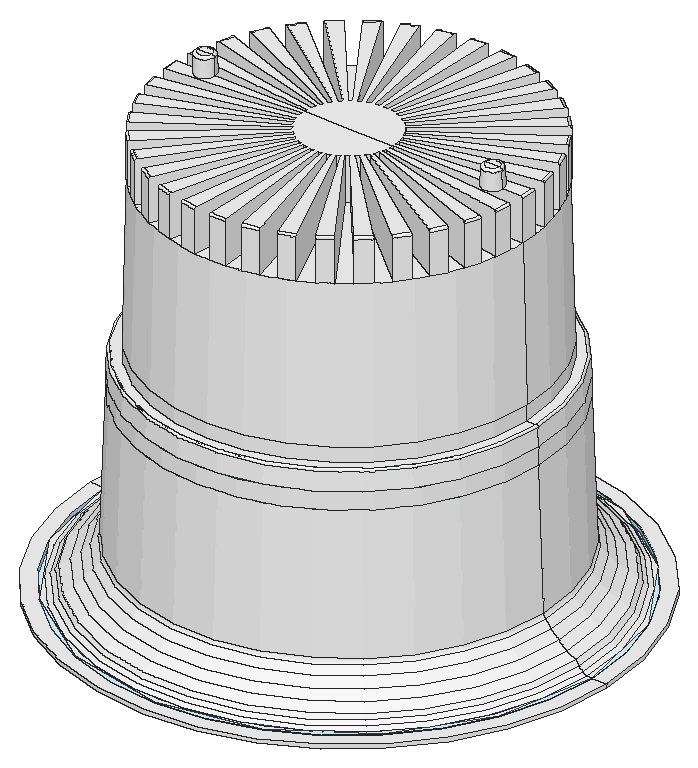
Revit family "RA 11 SOFT DIXIT LED", category Lighting Fixtures, host Ceiling, Revit 2019 (continued)
Types (28, lengths in mm): name | Wattage | Photometric Web File | built-in parameter 1150142 | Lamp | Wattage Comments | Lumens | built-in parameter 1150105 | built-in parameter 1150106 | Effective Intensity (lm) | Corrente driver (mA) | Beam angle (°)
  RA 11 SOFT DIXIT LED 2350lm 18W 3000K CRI85 70° Refl-WHITE | 15.8204 W | "255-2 _ 256-2 _ RA 11 DIXIT LED 18W 2350 lm 3000K 70°.IES" | "IESNA:LM-63-2002\r\n[TEST] Citizen CLL042 _ 69°/07-11-2013 / Luca\r\n[TESTLAB] ies2eulumdat.appspot.com\r\n[ISSUEDATE] 2021-07-24T14:38:56.996\r\n[MANUFAC] IVELA SpA\r\n[LUMCAT] 255-2\r\n[LUMINAIRE] RA 11 D.L.18W 2350lm 3000K 70°\r\n[LAMPCAT] LED per RA11 2350 3K\r\n[LAMP] LED per RA11 2350 3K\r\nTILT=NONE\r\n1\t2092\t1\t37\t1\t1\t2\t-0.079\t-0.079\t0.045\r\n1.0\t1.0\t18.00\r\n0\t 5\t 10\t 15\t 20\t 25\t 30\t 35\t 40\t 45\r\n50\t 55\t 60\t 65\t 70\t 75\t 80\t 85\t 90\t 95\r\n100\t 105\t 110\t 115\t 120\t 125\t 130\t 135\t 140\t 145\r\n150\t 155\t 160\t 165\t 170\t 175\t 180\r\n0\r\n1539.4218\t1516.108\t1444.9974\t1337.9465\t1232.0921\t1132.038\t1003.9266\t745.6518\t469.3619\t270.6995\r\n219.6357\t178.5407\t140.9051\t107.71\t78.1543\t53.2575\t31.9947\t14.4573\t0.9019\t0.4541\r\n0.5798\t0.7599\t1.0252\t1.388\t1.8258\t2.3266\t2.8882\t3.515\t4.1728\t4.8476\r\n5.4928\t6.0091\t6.3497\t6.6398\t6.9902\t7.2997\t7.4771" | "LED 2350lm 18W 3000K CRI85" | "18" | 2350 lm | 12946.4 (stored number, unit not read) | 129.46 (stored number, unit not read) | 2092 | "500mA" | "70° Refl."
  RA 11 SOFT DIXIT LED 2350lm 18W 3000K CRI85 18° Refl-WHITE-DALI | 15.8204 W | "255-2 _ 256-2 _ RA 11 DIXIT LED 18W 2350 lm 3000K 17°.IES" | "IESNA:LM-63-2002\r\n[TEST] I-Moon725-639WS/05-12-2012 / Luca\r\n[TESTLAB] ies2eulumdat.appspot.com\r\n[ISSUEDATE] 2021-07-24T14:37:00.623\r\n[MANUFAC] IVELA SpA\r\n[LUMCAT] 255-2\r\n[LUMINAIRE] RA 11 D.L.18W 2350lm 3000K 17°\r\n[LAMPCAT] LED per RA11 2350 3K\r\n[LAMP] LED per RA11 2350 3K\r\nTILT=NONE\r\n1\t2092\t1\t37\t1\t1\t2\t-0.079\t-0.079\t0.045\r\n1.0\t1.0\t18.00\r\n0\t 5\t 10\t 15\t 20\t 25\t 30\t 35\t 40\t 45\r\n50\t 55\t 60\t 65\t 70\t 75\t 80\t 85\t 90\t 95\r\n100\t 105\t 110\t 115\t 120\t 125\t 130\t 135\t 140\t 145\r\n150\t 155\t 160\t 165\t 170\t 175\t 180\r\n0\r\n11525.0231\t9113.9318\t4253.0191\t1701.6284\t1032.8968\t839.6551\t745.5904\t562.3621\t209.3542\t27.4936\r\n9.7602\t1.425\t0.2642\t0.1895\t0.1421\t0.1138\t0.0952\t0.0819\t0.0732\t0.0759\r\n0.0895\t0.1419\t0.2787\t0.5033\t0.7956\t1.1555\t1.6859\t2.6323\t4.2028\t6.1628\r\n7.8861\t8.8803\t9.3655\t9.8761\t10.2174\t9.5885\t8.7815" | "LED 2350lm 18W 3000K CRI85" | "18" | 2350 lm | 12946.4 (stored number, unit not read) | 129.46 (stored number, unit not read) | 2092 | "500mA dimmerabile DALI" | "18° Refl."
  RA 11 SOFT DIXIT LED 2350lm 18W 3000K CRI85 30° Refl-WHITE-DALI | 15.8204 W | "255-2 _ 256-2 _ RA 11 DIXIT LED 18W 2350 lm 3000K 30°.IES" | "IESNA:LM-63-2002\r\n[TEST] I-Moon 725-6 39W M/06-12-2012 / Luca\r\n[TESTLAB] ies2eulumdat.appspot.com\r\n[ISSUEDATE] 2021-07-24T14:38:08.106\r\n[MANUFAC] IVELA SpA\r\n[LUMCAT] 255-2\r\n[LUMINAIRE] RA 11 D.L.18W 2350lm 3000K 30°\r\n[LAMPCAT] LED per RA11 2350 3K\r\n[LAMP] LED per RA11 2350 3K\r\nTILT=NONE\r\n1\t2092\t1\t37\t1\t1\t2\t-0.079\t-0.079\t0.045\r\n1.0\t1.0\t18.00\r\n0\t 5\t 10\t 15\t 20\t 25\t 30\t 35\t 40\t 45\r\n50\t 55\t 60\t 65\t 70\t 75\t 80\t 85\t 90\t 95\r\n100\t 105\t 110\t 115\t 120\t 125\t 130\t 135\t 140\t 145\r\n150\t 155\t 160\t 165\t 170\t 175\t 180\r\n0\r\n5182.5689\t4716.983\t3582.6621\t2415.4681\t1574.8843\t1116.8936\t892.1898\t639.929\t238.836\t38.2265\r\n14.2749\t2.664\t0.827\t0.5504\t0.3646\t0.2421\t0.1591\t0.1069\t0.077\t0.0797\r\n0.0943\t0.1557\t0.3091\t0.5735\t0.939\t1.4303\t2.1416\t3.1641\t4.4752\t5.9482\r\n7.3724\t8.5104\t9.2396\t9.7347\t9.9556\t9.8662\t9.8707" | "LED 2350lm 18W 3000K CRI85" | "18" | 2350 lm | 12946.4 (stored number, unit not read) | 129.46 (stored number, unit not read) | 2092 | "500mA dimmerabile DALI" | "30° Refl."
  RA 11 SOFT DIXIT LED 2350lm 18W 3000K CRI85 55° Refl-WHITE-DALI | 15.8204 W | "255-2 _ 256-2 _ RA 11 DIXIT LED 18W 2350 lm 3000K 55°.IES" | "IESNA:LM-63-2002\r\n[TEST] I-Moon 725-6 39W W/07-12-2012 / Luca\r\n[TESTLAB] ies2eulumdat.appspot.com\r\n[ISSUEDATE] 2021-07-24T14:38:34.225\r\n[MANUFAC] IVELA SpA\r\n[LUMCAT] 255-2 / 256-2\r\n[LUMINAIRE] RA 11 DIXIT LED 18W 2350LM 3000K\r\n[LAMPCAT] LED per RA11 2350 3K\r\n[LAMP] LED per RA11 2350 3K\r\nTILT=NONE\r\n1\t2092\t1\t37\t1\t1\t2\t-0.079\t-0.079\t0.045\r\n1.0\t1.0\t18.00\r\n0\t 5\t 10\t 15\t 20\t 25\t 30\t 35\t 40\t 45\r\n50\t 55\t 60\t 65\t 70\t 75\t 80\t 85\t 90\t 95\r\n100\t 105\t 110\t 115\t 120\t 125\t 130\t 135\t 140\t 145\r\n150\t 155\t 160\t 165\t 170\t 175\t 180\r\n0\r\n2293.021\t2281.7867\t2245.4504\t2142.5614\t1854.5886\t1437.7578\t1112.3102\t784.9294\t334.8038\t91.4568\r\n43.3674\t19.2255\t10.4287\t5.936\t3.2723\t1.6142\t0.8301\t0.4246\t0.1233\t0.1122\r\n0.1432\t0.2324\t0.4324\t0.7685\t1.2358\t1.8452\t2.6192\t3.5453\t4.5676\t5.6486\r\n6.7362\t7.6919\t8.3645\t8.8228\t9.1838\t9.5528\t9.8271" | "LED 2350lm 18W 3000K CRI85" | "18" | 2350 lm | 12946.4 (stored number, unit not read) | 129.46 (stored number, unit not read) | 2092 | "500mA dimmerabile DALI" | "55° Refl."
  RA 11 SOFT DIXIT LED 2350lm 18W 3000K CRI85 70° Refl-WHITE-DALI | 15.8204 W | "255-2 _ 256-2 _ RA 11 DIXIT LED 18W 2350 lm 3000K 70°.IES" | "IESNA:LM-63-2002\r\n[TEST] Citizen CLL042 _ 69°/07-11-2013 / Luca\r\n[TESTLAB] ies2eulumdat.appspot.com\r\n[ISSUEDATE] 2021-07-24T14:38:56.996\r\n[MANUFAC] IVELA SpA\r\n[LUMCAT] 255-2\r\n[LUMINAIRE] RA 11 D.L.18W 2350lm 3000K 70°\r\n[LAMPCAT] LED per RA11 2350 3K\r\n[LAMP] LED per RA11 2350 3K\r\nTILT=NONE\r\n1\t2092\t1\t37\t1\t1\t2\t-0.079\t-0.079\t0.045\r\n1.0\t1.0\t18.00\r\n0\t 5\t 10\t 15\t 20\t 25\t 30\t 35\t 40\t 45\r\n50\t 55\t 60\t 65\t 70\t 75\t 80\t 85\t 90\t 95\r\n100\t 105\t 110\t 115\t 120\t 125\t 130\t 135\t 140\t 145\r\n150\t 155\t 160\t 165\t 170\t 175\t 180\r\n0\r\n1539.4218\t1516.108\t1444.9974\t1337.9465\t1232.0921\t1132.038\t1003.9266\t745.6518\t469.3619\t270.6995\r\n219.6357\t178.5407\t140.9051\t107.71\t78.1543\t53.2575\t31.9947\t14.4573\t0.9019\t0.4541\r\n0.5798\t0.7599\t1.0252\t1.388\t1.8258\t2.3266\t2.8882\t3.515\t4.1728\t4.8476\r\n5.4928\t6.0091\t6.3497\t6.6398\t6.9902\t7.2997\t7.4771" | "LED 2350lm 18W 3000K CRI85" | "18" | 2350 lm | 12946.4 (stored number, unit not read) | 129.46 (stored number, unit not read) | 2092 | "500mA dimmerabile DALI" | "70° Refl."
  RA 11 SOFT DIXIT LED 3100lm 26W 3000K CRI85 18° Refl-WHITE | 20.8695 W | "255-2 _ 256-2 _ RA 11 DIXIT LED 26W 3100 lm 3000K 18°.IES" | "IESNA:LM-63-2002\r\n[TEST] I-Moon725-639WS/05-12-2012 / Luca\r\n[TESTLAB] ies2eulumdat.appspot.com\r\n[ISSUEDATE] 2021-07-24T14:39:22.310\r\n[MANUFAC] IVELA SpA\r\n[LUMCAT] 255-2\r\n[LUMINAIRE] RA 11 D.L.26W 3100lm 3000K 17°\r\n[LAMPCAT] LED RA11SOFT 26W3K\r\n[LAMP] LED RA11SOFT 26W3K\r\nTILT=NONE\r\n1\t2759\t1\t37\t1\t1\t2\t-0.079\t-0.079\t0.003\r\n1.0\t1.0\t26.00\r\n0\t 5\t 10\t 15\t 20\t 25\t 30\t 35\t 40\t 45\r\n50\t 55\t 60\t 65\t 70\t 75\t 80\t 85\t 90\t 95\r\n100\t 105\t 110\t 115\t 120\t 125\t 130\t 135\t 140\t 145\r\n150\t 155\t 160\t 165\t 170\t 175\t 180\r\n0\r\n15199.5883\t12019.76\t5609.0248\t2244.1648\t1362.2191\t1107.3654\t983.3097\t741.6621\t276.1034\t36.2595\r\n12.8721\t1.8793\t0.3484\t0.25\t0.1874\t0.1501\t0.1256\t0.108\t0.0965\t0.1\r\n0.1181\t0.1872\t0.3676\t0.6638\t1.0493\t1.524\t2.2234\t3.4716\t5.5429\t8.1277\r\n10.4005\t11.7117\t12.3516\t13.0249\t13.4751\t12.6457\t11.5814" | "LED 3100lm 26W 3000K CRI85" | "26" | 3100 lm | 17078.2 (stored number, unit not read) | 170.78 (stored number, unit not read) | 2759 | "700mA" | "18° Refl."
  RA 11 SOFT DIXIT LED 3100lm 26W 3000K CRI85 30° Refl-WHITE | 20.8695 W | "255-2 _ 256-2 _ RA 11 DIXIT LED 26W 3100 lm 3000K 30°.IES" | "IESNA:LM-63-2002\r\n[TEST] I-Moon 725-6 39W M/06-12-2012 / Luca\r\n[TESTLAB] ies2eulumdat.appspot.com\r\n[ISSUEDATE] 2021-07-24T14:39:44.346\r\n[MANUFAC] IVELA SpA\r\n[LUMCAT] 255-2\r\n[LUMINAIRE] RA 11 D.L.26W 3100lm 3000K 30°\r\n[LAMPCAT] LED RA11SOFT 26W3K\r\n[LAMP] LED RA11SOFT 26W3K\r\nTILT=NONE\r\n1\t2759\t1\t37\t1\t1\t2\t-0.079\t-0.079\t0.003\r\n1.0\t1.0\t26.00\r\n0\t 5\t 10\t 15\t 20\t 25\t 30\t 35\t 40\t 45\r\n50\t 55\t 60\t 65\t 70\t 75\t 80\t 85\t 90\t 95\r\n100\t 105\t 110\t 115\t 120\t 125\t 130\t 135\t 140\t 145\r\n150\t 155\t 160\t 165\t 170\t 175\t 180\r\n0\r\n6834.9463\t6220.9159\t4724.9354\t3185.6006\t2077.0103\t1472.9968\t1176.6499\t843.9599\t314.9849\t50.4144\r\n18.8262\t3.5134\t1.0907\t0.7259\t0.4808\t0.3193\t0.2098\t0.141\t0.1016\t0.1051\r\n0.1244\t0.2053\t0.4076\t0.7563\t1.2383\t1.8863\t2.8245\t4.1729\t5.9021\t7.8447\r\n9.723\t11.2239\t12.1855\t12.8385\t13.1298\t13.0119\t13.0178" | "LED 3100lm 26W 3000K CRI85" | "26" | 3100 lm | 17078.2 (stored number, unit not read) | 170.78 (stored number, unit not read) | 2759 | "700mA" | "30° Refl."
  RA 11 SOFT DIXIT LED 3100lm 26W 3000K CRI85 55° Refl-WHITE | 20.8695 W | "255-2 _ 256-2 _ RA 11 DIXIT LED 26W 3100 lm 3000K 55°.IES" | "IESNA:LM-63-2002\r\n[TEST] I-Moon 725-6 39W W/07-12-2012 / Luca\r\n[TESTLAB] ies2eulumdat.appspot.com\r\n[ISSUEDATE] 2021-07-24T14:40:09.931\r\n[MANUFAC] IVELA SpA\r\n[LUMCAT] 255-2\r\n[LUMINAIRE] RA 11 D.L.26W 3100lm 3000K 55°\r\n[LAMPCAT] LED RA11SOFT 26W3K\r\n[LAMP] LED RA11SOFT 26W3K\r\nTILT=NONE\r\n1\t2759\t1\t37\t1\t1\t2\t-0.079\t-0.079\t0.003\r\n1.0\t1.0\t26.00\r\n0\t 5\t 10\t 15\t 20\t 25\t 30\t 35\t 40\t 45\r\n50\t 55\t 60\t 65\t 70\t 75\t 80\t 85\t 90\t 95\r\n100\t 105\t 110\t 115\t 120\t 125\t 130\t 135\t 140\t 145\r\n150\t 155\t 160\t 165\t 170\t 175\t 180\r\n0\r\n3024.1132\t3009.2971\t2961.3756\t2825.6821\t2445.8939\t1896.1633\t1466.9521\t1035.1913\t441.5506\t120.6163\r\n57.1944\t25.3553\t13.7537\t7.8287\t4.3157\t2.1288\t1.0948\t0.5599\t0.1626\t0.1479\r\n0.1889\t0.3065\t0.5703\t1.0136\t1.6299\t2.4335\t3.4543\t4.6757\t6.0239\t7.4496\r\n8.884\t10.1444\t11.0314\t11.6358\t12.1119\t12.5986\t12.9603" | "LED 3100lm 26W 3000K CRI85" | "26" | 3100 lm | 17078.2 (stored number, unit not read) | 170.78 (stored number, unit not read) | 2759 | "700mA" | "55° Refl."
  RA 11 SOFT DIXIT LED 3100lm 26W 3000K CRI85 70° Refl-WHITE | 20.8695 W | "255-2 _ 256-2 _ RA 11 DIXIT LED 26W 3100 lm 3000K 70°.IES" | "IESNA:LM-63-2002\r\n[TEST] Citizen CLL042 _ 69°/07-11-2013 / Luca\r\n[TESTLAB] ies2eulumdat.appspot.com\r\n[ISSUEDATE] 2021-07-24T14:40:32.967\r\n[MANUFAC] IVELA SpA\r\n[LUMCAT] 255-2\r\n[LUMINAIRE] RA 11 D.L.26W 3100lm 3000K 70°\r\n[LAMPCAT] LED RA11SOFT 26W3K\r\n[LAMP] LED RA11SOFT 26W3K\r\nTILT=NONE\r\n1\t2759\t1\t37\t1\t1\t2\t-0.079\t-0.079\t0.003\r\n1.0\t1.0\t26.00\r\n0\t 5\t 10\t 15\t 20\t 25\t 30\t 35\t 40\t 45\r\n50\t 55\t 60\t 65\t 70\t 75\t 80\t 85\t 90\t 95\r\n100\t 105\t 110\t 115\t 120\t 125\t 130\t 135\t 140\t 145\r\n150\t 155\t 160\t 165\t 170\t 175\t 180\r\n0\r\n2030.2412\t1999.4943\t1905.7112\t1764.5289\t1624.9245\t1492.9698\t1324.0122\t983.3907\t619.0102\t357.0076\r\n289.663\t235.4655\t185.8304\t142.0516\t103.0725\t70.2378\t42.1957\t19.0668\t1.1894\t0.5989\r\n0.7647\t1.0022\t1.3521\t1.8306\t2.4079\t3.0683\t3.809\t4.6357\t5.5032\t6.3932\r\n7.2441\t7.925\t8.3743\t8.7568\t9.2189\t9.6271\t9.8611" | "LED 3100lm 26W 3000K CRI85" | "26" | 3100 lm | 17078.2 (stored number, unit not read) | 170.78 (stored number, unit not read) | 2759 | "700mA" | "70° Refl."
  RA 11 SOFT DIXIT LED 3100lm 26W 3000K CRI85 18° Refl-WHITE-DALI | 20.8695 W | "255-2 _ 256-2 _ RA 11 DIXIT LED 26W 3100 lm 3000K 18°.IES" | "IESNA:LM-63-2002\r\n[TEST] I-Moon725-639WS/05-12-2012 / Luca\r\n[TESTLAB] ies2eulumdat.appspot.com\r\n[ISSUEDATE] 2021-07-24T14:39:22.310\r\n[MANUFAC] IVELA SpA\r\n[LUMCAT] 255-2\r\n[LUMINAIRE] RA 11 D.L.26W 3100lm 3000K 17°\r\n[LAMPCAT] LED RA11SOFT 26W3K\r\n[LAMP] LED RA11SOFT 26W3K\r\nTILT=NONE\r\n1\t2759\t1\t37\t1\t1\t2\t-0.079\t-0.079\t0.003\r\n1.0\t1.0\t26.00\r\n0\t 5\t 10\t 15\t 20\t 25\t 30\t 35\t 40\t 45\r\n50\t 55\t 60\t 65\t 70\t 75\t 80\t 85\t 90\t 95\r\n100\t 105\t 110\t 115\t 120\t 125\t 130\t 135\t 140\t 145\r\n150\t 155\t 160\t 165\t 170\t 175\t 180\r\n0\r\n15199.5883\t12019.76\t5609.0248\t2244.1648\t1362.2191\t1107.3654\t983.3097\t741.6621\t276.1034\t36.2595\r\n12.8721\t1.8793\t0.3484\t0.25\t0.1874\t0.1501\t0.1256\t0.108\t0.0965\t0.1\r\n0.1181\t0.1872\t0.3676\t0.6638\t1.0493\t1.524\t2.2234\t3.4716\t5.5429\t8.1277\r\n10.4005\t11.7117\t12.3516\t13.0249\t13.4751\t12.6457\t11.5814" | "LED 3100lm 26W 3000K CRI85" | "26" | 3100 lm | 17078.2 (stored number, unit not read) | 170.78 (stored number, unit not read) | 2759 | "700mA dimmerabile DALI" | "18° Refl."
  RA 11 SOFT DIXIT LED 3100lm 26W 3000K CRI85 18° Refl-WHITE-regolabile | 20.8695 W | "255-2 _ 256-2 _ RA 11 DIXIT LED 26W 3100 lm 3000K 18°.IES" | "IESNA:LM-63-2002\r\n[TEST] I-Moon725-639WS/05-12-2012 / Luca\r\n[TESTLAB] ies2eulumdat.appspot.com\r\n[ISSUEDATE] 2021-07-24T14:39:22.310\r\n[MANUFAC] IVELA SpA\r\n[LUMCAT] 255-2\r\n[LUMINAIRE] RA 11 D.L.26W 3100lm 3000K 17°\r\n[LAMPCAT] LED RA11SOFT 26W3K\r\n[LAMP] LED RA11SOFT 26W3K\r\nTILT=NONE\r\n1\t2759\t1\t37\t1\t1\t2\t-0.079\t-0.079\t0.003\r\n1.0\t1.0\t26.00\r\n0\t 5\t 10\t 15\t 20\t 25\t 30\t 35\t 40\t 45\r\n50\t 55\t 60\t 65\t 70\t 75\t 80\t 85\t 90\t 95\r\n100\t 105\t 110\t 115\t 120\t 125\t 130\t 135\t 140\t 145\r\n150\t 155\t 160\t 165\t 170\t 175\t 180\r\n0\r\n15199.5883\t12019.76\t5609.0248\t2244.1648\t1362.2191\t1107.3654\t983.3097\t741.6621\t276.1034\t36.2595\r\n12.8721\t1.8793\t0.3484\t0.25\t0.1874\t0.1501\t0.1256\t0.108\t0.0965\t0.1\r\n0.1181\t0.1872\t0.3676\t0.6638\t1.0493\t1.524\t2.2234\t3.4716\t5.5429\t8.1277\r\n10.4005\t11.7117\t12.3516\t13.0249\t13.4751\t12.6457\t11.5814" | "LED 3100lm 26W 3000K CRI85" | "26" | 3100 lm | 17078.2 (stored number, unit not read) | 170.78 (stored number, unit not read) | 2759 | "700mA regolabile sul taglio di fase" | "18° Refl."
  RA 11 SOFT DIXIT LED 3100lm 26W 3000K CRI85 30° Refl-WHITE-regolabile | 20.8695 W | "255-2 _ 256-2 _ RA 11 DIXIT LED 26W 3100 lm 3000K 30°.IES" | "IESNA:LM-63-2002\r\n[TEST] I-Moon 725-6 39W M/06-12-2012 / Luca\r\n[TESTLAB] ies2eulumdat.appspot.com\r\n[ISSUEDATE] 2021-07-24T14:39:44.346\r\n[MANUFAC] IVELA SpA\r\n[LUMCAT] 255-2\r\n[LUMINAIRE] RA 11 D.L.26W 3100lm 3000K 30°\r\n[LAMPCAT] LED RA11SOFT 26W3K\r\n[LAMP] LED RA11SOFT 26W3K\r\nTILT=NONE\r\n1\t2759\t1\t37\t1\t1\t2\t-0.079\t-0.079\t0.003\r\n1.0\t1.0\t26.00\r\n0\t 5\t 10\t 15\t 20\t 25\t 30\t 35\t 40\t 45\r\n50\t 55\t 60\t 65\t 70\t 75\t 80\t 85\t 90\t 95\r\n100\t 105\t 110\t 115\t 120\t 125\t 130\t 135\t 140\t 145\r\n150\t 155\t 160\t 165\t 170\t 175\t 180\r\n0\r\n6834.9463\t6220.9159\t4724.9354\t3185.6006\t2077.0103\t1472.9968\t1176.6499\t843.9599\t314.9849\t50.4144\r\n18.8262\t3.5134\t1.0907\t0.7259\t0.4808\t0.3193\t0.2098\t0.141\t0.1016\t0.1051\r\n0.1244\t0.2053\t0.4076\t0.7563\t1.2383\t1.8863\t2.8245\t4.1729\t5.9021\t7.8447\r\n9.723\t11.2239\t12.1855\t12.8385\t13.1298\t13.0119\t13.0178" | "LED 3100lm 26W 3000K CRI85" | "26" | 3100 lm | 17078.2 (stored number, unit not read) | 170.78 (stored number, unit not read) | 2759 | "700mA regolabile sul taglio di fase" | "30° Refl."
  RA 11 SOFT DIXIT LED 3100lm 26W 3000K CRI85 30° Refl-WHITE-DALI | 20.8695 W | "255-2 _ 256-2 _ RA 11 DIXIT LED 26W 3100 lm 3000K 30°.IES" | "IESNA:LM-63-2002\r\n[TEST] I-Moon 725-6 39W M/06-12-2012 / Luca\r\n[TESTLAB] ies2eulumdat.appspot.com\r\n[ISSUEDATE] 2021-07-24T14:39:44.346\r\n[MANUFAC] IVELA SpA\r\n[LUMCAT] 255-2\r\n[LUMINAIRE] RA 11 D.L.26W 3100lm 3000K 30°\r\n[LAMPCAT] LED RA11SOFT 26W3K\r\n[LAMP] LED RA11SOFT 26W3K\r\nTILT=NONE\r\n1\t2759\t1\t37\t1\t1\t2\t-0.079\t-0.079\t0.003\r\n1.0\t1.0\t26.00\r\n0\t 5\t 10\t 15\t 20\t 25\t 30\t 35\t 40\t 45\r\n50\t 55\t 60\t 65\t 70\t 75\t 80\t 85\t 90\t 95\r\n100\t 105\t 110\t 115\t 120\t 125\t 130\t 135\t 140\t 145\r\n150\t 155\t 160\t 165\t 170\t 175\t 180\r\n0\r\n6834.9463\t6220.9159\t4724.9354\t3185.6006\t2077.0103\t1472.9968\t1176.6499\t843.9599\t314.9849\t50.4144\r\n18.8262\t3.5134\t1.0907\t0.7259\t0.4808\t0.3193\t0.2098\t0.141\t0.1016\t0.1051\r\n0.1244\t0.2053\t0.4076\t0.7563\t1.2383\t1.8863\t2.8245\t4.1729\t5.9021\t7.8447\r\n9.723\t11.2239\t12.1855\t12.8385\t13.1298\t13.0119\t13.0178" | "LED 3100lm 26W 3000K CRI85" | "26" | 3100 lm | 17078.2 (stored number, unit not read) | 170.78 (stored number, unit not read) | 2759 | "700mA dimmerabile DALI" | "30° Refl."
  RA 11 SOFT DIXIT LED 3100lm 26W 3000K CRI85 55° Refl-WHITE-DALI | 20.8695 W | "255-2 _ 256-2 _ RA 11 DIXIT LED 26W 3100 lm 3000K 55°.IES" | "IESNA:LM-63-2002\r\n[TEST] I-Moon 725-6 39W W/07-12-2012 / Luca\r\n[TESTLAB] ies2eulumdat.appspot.com\r\n[ISSUEDATE] 2021-07-24T14:40:09.931\r\n[MANUFAC] IVELA SpA\r\n[LUMCAT] 255-2\r\n[LUMINAIRE] RA 11 D.L.26W 3100lm 3000K 55°\r\n[LAMPCAT] LED RA11SOFT 26W3K\r\n[LAMP] LED RA11SOFT 26W3K\r\nTILT=NONE\r\n1\t2759\t1\t37\t1\t1\t2\t-0.079\t-0.079\t0.003\r\n1.0\t1.0\t26.00\r\n0\t 5\t 10\t 15\t 20\t 25\t 30\t 35\t 40\t 45\r\n50\t 55\t 60\t 65\t 70\t 75\t 80\t 85\t 90\t 95\r\n100\t 105\t 110\t 115\t 120\t 125\t 130\t 135\t 140\t 145\r\n150\t 155\t 160\t 165\t 170\t 175\t 180\r\n0\r\n3024.1132\t3009.2971\t2961.3756\t2825.6821\t2445.8939\t1896.1633\t1466.9521\t1035.1913\t441.5506\t120.6163\r\n57.1944\t25.3553\t13.7537\t7.8287\t4.3157\t2.1288\t1.0948\t0.5599\t0.1626\t0.1479\r\n0.1889\t0.3065\t0.5703\t1.0136\t1.6299\t2.4335\t3.4543\t4.6757\t6.0239\t7.4496\r\n8.884\t10.1444\t11.0314\t11.6358\t12.1119\t12.5986\t12.9603" | "LED 3100lm 26W 3000K CRI85" | "26" | 3100 lm | 17078.2 (stored number, unit not read) | 170.78 (stored number, unit not read) | 2759 | "700mA dimmerabile DALI" | "55° Refl."
  RA 11 SOFT DIXIT LED 3100lm 26W 3000K CRI85 55° Refl-WHITE-regolabile | 20.8695 W | "255-2 _ 256-2 _ RA 11 DIXIT LED 26W 3100 lm 3000K 55°.IES" | "IESNA:LM-63-2002\r\n[TEST] I-Moon 725-6 39W W/07-12-2012 / Luca\r\n[TESTLAB] ies2eulumdat.appspot.com\r\n[ISSUEDATE] 2021-07-24T14:40:09.931\r\n[MANUFAC] IVELA SpA\r\n[LUMCAT] 255-2\r\n[LUMINAIRE] RA 11 D.L.26W 3100lm 3000K 55°\r\n[LAMPCAT] LED RA11SOFT 26W3K\r\n[LAMP] LED RA11SOFT 26W3K\r\nTILT=NONE\r\n1\t2759\t1\t37\t1\t1\t2\t-0.079\t-0.079\t0.003\r\n1.0\t1.0\t26.00\r\n0\t 5\t 10\t 15\t 20\t 25\t 30\t 35\t 40\t 45\r\n50\t 55\t 60\t 65\t 70\t 75\t 80\t 85\t 90\t 95\r\n100\t 105\t 110\t 115\t 120\t 125\t 130\t 135\t 140\t 145\r\n150\t 155\t 160\t 165\t 170\t 175\t 180\r\n0\r\n3024.1132\t3009.2971\t2961.3756\t2825.6821\t2445.8939\t1896.1633\t1466.9521\t1035.1913\t441.5506\t120.6163\r\n57.1944\t25.3553\t13.7537\t7.8287\t4.3157\t2.1288\t1.0948\t0.5599\t0.1626\t0.1479\r\n0.1889\t0.3065\t0.5703\t1.0136\t1.6299\t2.4335\t3.4543\t4.6757\t6.0239\t7.4496\r\n8.884\t10.1444\t11.0314\t11.6358\t12.1119\t12.5986\t12.9603" | "LED 3100lm 26W 3000K CRI85" | "26" | 3100 lm | 17078.2 (stored number, unit not read) | 170.78 (stored number, unit not read) | 2759 | "700mA regolabile sul taglio di fase" | "55° Refl."
  RA 11 SOFT DIXIT LED 3100lm 26W 3000K CRI85 70° Refl-WHITE-regolabile | 20.8695 W | "255-2 _ 256-2 _ RA 11 DIXIT LED 26W 3100 lm 3000K 70°.IES" | "IESNA:LM-63-2002\r\n[TEST] Citizen CLL042 _ 69°/07-11-2013 / Luca\r\n[TESTLAB] ies2eulumdat.appspot.com\r\n[ISSUEDATE] 2021-07-24T14:40:32.967\r\n[MANUFAC] IVELA SpA\r\n[LUMCAT] 255-2\r\n[LUMINAIRE] RA 11 D.L.26W 3100lm 3000K 70°\r\n[LAMPCAT] LED RA11SOFT 26W3K\r\n[LAMP] LED RA11SOFT 26W3K\r\nTILT=NONE\r\n1\t2759\t1\t37\t1\t1\t2\t-0.079\t-0.079\t0.003\r\n1.0\t1.0\t26.00\r\n0\t 5\t 10\t 15\t 20\t 25\t 30\t 35\t 40\t 45\r\n50\t 55\t 60\t 65\t 70\t 75\t 80\t 85\t 90\t 95\r\n100\t 105\t 110\t 115\t 120\t 125\t 130\t 135\t 140\t 145\r\n150\t 155\t 160\t 165\t 170\t 175\t 180\r\n0\r\n2030.2412\t1999.4943\t1905.7112\t1764.5289\t1624.9245\t1492.9698\t1324.0122\t983.3907\t619.0102\t357.0076\r\n289.663\t235.4655\t185.8304\t142.0516\t103.0725\t70.2378\t42.1957\t19.0668\t1.1894\t0.5989\r\n0.7647\t1.0022\t1.3521\t1.8306\t2.4079\t3.0683\t3.809\t4.6357\t5.5032\t6.3932\r\n7.2441\t7.925\t8.3743\t8.7568\t9.2189\t9.6271\t9.8611" | "LED 3100lm 26W 3000K CRI85" | "26" | 3100 lm | 17078.2 (stored number, unit not read) | 170.78 (stored number, unit not read) | 2759 | "700mA regolabile sul taglio di fase" | "70° Refl."
  RA 11 SOFT DIXIT LED 3100lm 26W 3000K CRI85 70° Refl-WHITE-DALI | 20.8695 W | "255-2 _ 256-2 _ RA 11 DIXIT LED 26W 3100 lm 3000K 70°.IES" | "IESNA:LM-63-2002\r\n[TEST] Citizen CLL042 _ 69°/07-11-2013 / Luca\r\n[TESTLAB] ies2eulumdat.appspot.com\r\n[ISSUEDATE] 2021-07-24T14:40:32.967\r\n[MANUFAC] IVELA SpA\r\n[LUMCAT] 255-2\r\n[LUMINAIRE] RA 11 D.L.26W 3100lm 3000K 70°\r\n[LAMPCAT] LED RA11SOFT 26W3K\r\n[LAMP] LED RA11SOFT 26W3K\r\nTILT=NONE\r\n1\t2759\t1\t37\t1\t1\t2\t-0.079\t-0.079\t0.003\r\n1.0\t1.0\t26.00\r\n0\t 5\t 10\t 15\t 20\t 25\t 30\t 35\t 40\t 45\r\n50\t 55\t 60\t 65\t 70\t 75\t 80\t 85\t 90\t 95\r\n100\t 105\t 110\t 115\t 120\t 125\t 130\t 135\t 140\t 145\r\n150\t 155\t 160\t 165\t 170\t 175\t 180\r\n0\r\n2030.2412\t1999.4943\t1905.7112\t1764.5289\t1624.9245\t1492.9698\t1324.0122\t983.3907\t619.0102\t357.0076\r\n289.663\t235.4655\t185.8304\t142.0516\t103.0725\t70.2378\t42.1957\t19.0668\t1.1894\t0.5989\r\n0.7647\t1.0022\t1.3521\t1.8306\t2.4079\t3.0683\t3.809\t4.6357\t5.5032\t6.3932\r\n7.2441\t7.925\t8.3743\t8.7568\t9.2189\t9.6271\t9.8611" | "LED 3100lm 26W 3000K CRI85" | "26" | 3100 lm | 17078.2 (stored number, unit not read) | 170.78 (stored number, unit not read) | 2759 | "700mA dimmerabile DALI" | "70° Refl."
